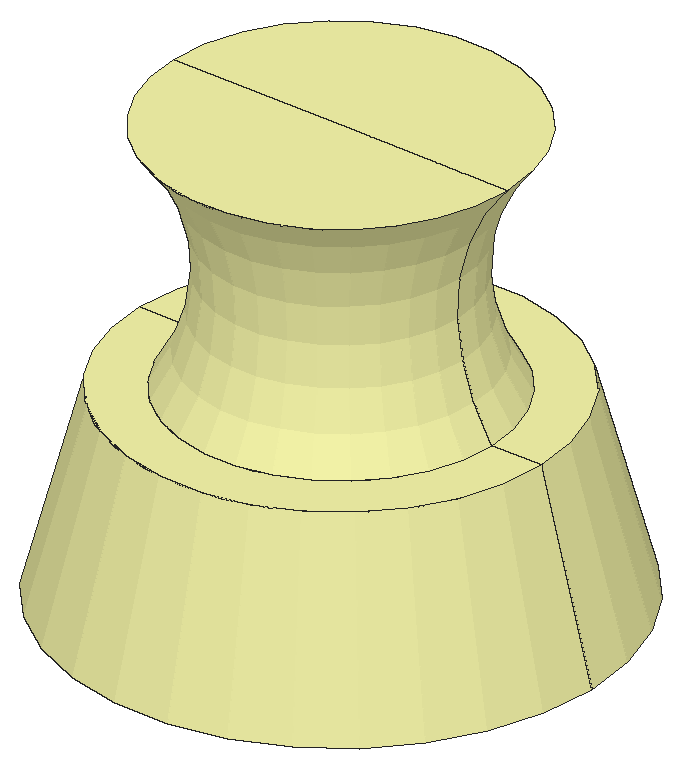
Revit family "EP_Flex Outlet-Ceiling Void", category Electrical Fixtures, host Face, Revit 2013
Parameters (values of type "Flex Outlet Above Ceiling")
  Default Elevation = 0 mm
Reference planes
  plane 1 "Center (Front/Back)": y = 0
  plane 2: z = 0
  plane 3 "Center (Left/Right)": x = 0
  plane 4 "Level Above": z = 125
Forms (mm)
  Revolve 1, solid, material "Face Plate"
    sketch origin (0, 0, 0) x (1, 0, 0) y (0, 0, 1)
      loop
        line (-75, 0) -> (0, 0) -> (0, 125) -> (-50, 125)
        arc (-50, 125) -> (-35.093, 90.849) -> (-45.263, 55) r 55.245
        line (-45.263, 55) -> (-60.263, 55) -> (-75, 0)
      axis (0, 125) -> (0, 0)
    angle from 0 to 360
Dimensions and locks
  plane 4 "Level Above" to host face = 125 mm
  aligned and locked: plane 2 to host face
  aligned and locked: level to host face
Nested families
  nested 1: "EP_SI_AC" at (-2.314, 0, 0), type "EP_SI_AC"
Connectors
  cabletrayconduit at (0, 0, 0)
    settings: on Revolve 1, index 1, connector width 300 mm, connector height 300 mm, connector radius 300 mm, connector angle 0.00°, system type 32, placement type 0, profile type 0, connector reference index -1, is primary connector yes, connector utility param no, connector description ""
Definition of nested family "EP_SI_AC"
  Reference planes
    plane 1: y = 0
    plane 2: x = 0
  Lines and regions (mm)
    Filled region 1, type "Filled region 1"
      outline origin (0, 0, 0) x (1, 0, 0) y (0, 1, 0)
        loop
          line (0.006, 1.5) -> (0.006, 0) -> (1.506, 0)
          arc (1.506, 0) -> (1.067, 1.061) -> (0.006, 1.5) r 1.5
    detail lines, style "Power Symbols"
      curve 1: line (-1.494, 0, 0) -> (1.506, 0, 0)
      curve 2: arc (1.506, 0, 0) -> (0.006, 1.5, 0) -> (-1.494, 0, 0) r 1.5
  Text (mm)
    text "F" at (-0.903, 1.327, 0)
